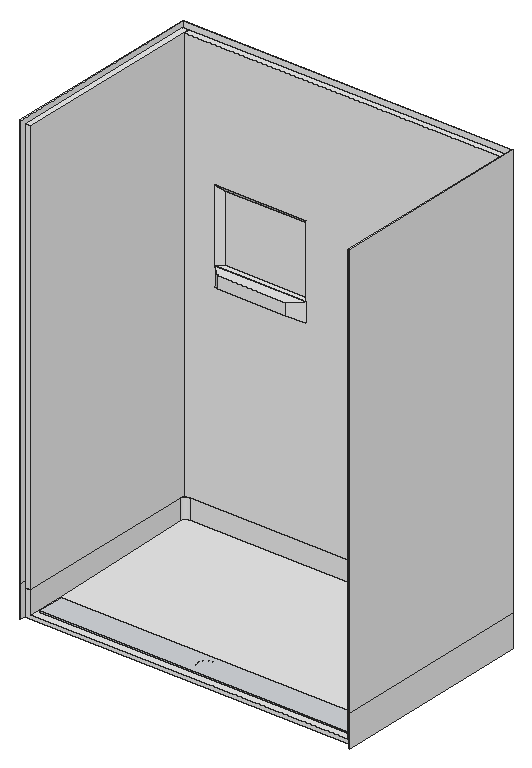
Revit family "5LBS26036B75FTB.V3,B2FTB.V3", category Plumbing Fixtures, Revit 2019
Family settings
  Round Connector Dimension = Use Diameter
  Part Type = Normal
  OmniClass Number = 23.45.05.14.17
  OmniClass Title = Showers
  Work Plane-Based = No
  Always vertical = Yes
  Cut with Voids When Loaded = No
  Shared = No
  Room Calculation Point = No
Parameters (values of type "5LBS26036B75FTB.V3")
  Unit Width = 60"
  Unit Height = 81 1/4"
  Pan Height = 5 3/4"
  Unit Depth = 37"
  URL = "http://www.bestbath.com"
  Type Comments = "Barrier Free"
  Threshold Height = 3/4"
  Model = "5LBS26036B75FTB.V3"
  Material [instance] = Best Bath Gelcoat Fiberglass - 4x8 Subway Tile
  Manufacturer = "Best Bath Systems, Inc."
  Keynote = "22 40 00.B3"
  Description = "Trench Drain Pan, 4\" x 8\" Subway Tile, Beveled Threshold"
  Assembly Code = "D2010710"
Types (3): name | Unit Height | Pan Height | Threshold Height | Model
  (no name) | 81 1/4" | 5 3/4" | 3/4" | "5LBS26036B75FTB.V3"
  5LBS26036B75FTB.V3 | 81 1/4" | 5 3/4" | 3/4" | "5LBS26036B75FTB.V3"
  5LBS26036B2FTB.V3 | 82 1/2" | 7" | 2" | "5LBS26036B2FTB.V3"
Reference planes (in)
  plane 1 "Back": y = 6.43613
  plane 2: z = 0
  plane 3 "Left": x = 0
  plane 4: x = 60
  plane 5: z = 4.75
  plane 6: z = 0.75
  plane 7: z = 5.75
  plane 8: x = 30
  plane 9: y = -30.56387
  plane 10: y = -23.31387
  plane 11: z = 1.5
  plane 12: y = -29.56387
  plane 13: y = -25.81387
  plane 14: z = 0.875
  plane 15: y = -25.81387
  plane 16: z = 81.25
  plane 17: z = 80.25
  plane 18: z = 44.25
  plane 19 "Center L/S": y = -25.81387
Forms (in)
  Extrusion 1, solid, material "Best Bath Gelcoat Fiberglass - Smooth"
    sketch origin (0, 0, 0) x (1, 0, 0) y (0, 1, 0)
      loop
        line (0, 6.43613) -> (0, -30.56387) -> (0.125, -30.56387) -> (0.125, 6.31113) -> (59.875, 6.31113) -> (59.875, -30.56387) -> (60, -30.56387) -> (60, 6.43613) -> (0, 6.43613)
    from 0 to 5.75
  Extrusion 2, solid, material "Best Bath Gelcoat Fiberglass - Smooth"
    sketch origin (0, 0, 0) x (0, 1, 0) y (0, 0, 1)
      loop
        line (-23.31387, 0.75) -> (5.18613, 0.75) -> (5.18613, 1.25) -> (-23.31387, 0.75)
    from 0 to 60
  Extrusion 3, solid, material "Best Bath Gelcoat Fiberglass - Smooth"
    sketch origin (0, 0, 0) x (1, 0, 0) y (0, 1, 0)
      loop
        line (0, 6.43613) -> (0, -29.56387) -> (59.875, -29.56387) -> (59.875, 6.43613) -> (0, 6.43613)
      loop
        circle (30, -25.81387) r 1.5
    from 0 to 0.75
  Extrusion 4, solid, material "Best Bath Gelcoat Fiberglass - Smooth"
    sketch origin (0, 0, 0) x (1, 0, 0) y (0, 1, 0)
      loop
        line (0, 6.43613) -> (0, -29.56387) -> (1.25, -29.56387) -> (1.25, 4.18613)
        arc (1.25, 4.18613) -> (1.54289, 4.89323) -> (2.25, 5.18613) r 1
        line (2.25, 5.18613) -> (57.75, 5.18613)
        arc (57.75, 5.18613) -> (58.45711, 4.89323) -> (58.75, 4.18613) r 1
        line (58.75, 4.18613) -> (58.75, -29.56387) -> (60, -29.56387) -> (60, 6.43613) -> (0, 6.43613)
    from 0 to 4.75
  Extrusion 5, solid
    sketch origin (0, 0, 0) x (1, 0, 0) y (0, 1, 0)
      loop
        line (1.75, -23.31387) -> (1.75, -28.31387) -> (58.25, -28.31387) -> (58.25, -23.31387) -> (1.75, -23.31387)
    from 0.40753 to 0.875
  Extrusion 6, solid, material "Best Bath Gelcoat Fiberglass - Smooth"
    sketch origin (0, 0, 0) x (1, 0, 0) y (0, 1, 0)
      loop
        line (1.25, -29.56387) -> (1.25, 6.31113) -> (0.125, 6.31113) -> (0.125, -29.56387) -> (1.25, -29.56387)
      loop
        line (58.75, -29.56387) -> (59.875, -29.56387) -> (59.875, 6.31113) -> (58.75, 6.31113) -> (58.75, -29.56387)
    from 4.75 to 80.25
  Extrusion 7, solid, material "Best Bath Smoothwall"
    sketch origin (-0.02168, 0, 0) x (1, 0, 0) y (0, 1, 0)
      loop
        line (1.27168, 5.18613) -> (58.77168, 5.18613) -> (58.77168, 6.31113) -> (1.27168, 6.31113) -> (1.27168, 5.18613)
    from 4.75 to 80.25
  Extrusion 8, solid, material "Best Bath Gelcoat Fiberglass - Smooth"
    sketch origin (0, 0, 0) x (1, 0, 0) y (0, 1, 0)
      loop
        line (0, -30.56387) -> (0.125, -30.56387) -> (0.125, 6.43613) -> (0, 6.43613) -> (0, -30.56387)
      loop
        line (60, -30.56387) -> (60, 6.43613) -> (59.875, 6.43613) -> (59.875, -30.56387) -> (60, -30.56387)
    from 5.75 to 81.25
  Extrusion 9, solid, material "Best Bath Smoothwall"
    sketch origin (-0.02168, 0, 0) x (1, 0, 0) y (0, 1, 0)
      loop
        line (0.14668, 6.43613) -> (0.14668, 6.31113) -> (59.89668, 6.31113) -> (59.89668, 6.43613) -> (0.14668, 6.43613)
    from 0 to 81.25
  Blend 10, solid, material "Best Bath Gelcoat Fiberglass - Smooth"
    base sketch origin (23.35671, -68.92552, -6.375) x (1, 0, 0) y (0, 0, 1)
      loop
        line (30.5625, 50.625) -> (14.0625, 50.625) -> (14.0625, 47.1875) -> (30.5625, 47.1875) -> (30.5625, 50.625)
    top sketch origin (23.35671, -68.92552, -6.375) x (1, 0, 0) y (0, 0, 1)
      loop
        line (16.0625, 50.625) -> (16.0625, 48.375) -> (28.5625, 48.375) -> (28.5625, 50.625) -> (16.0625, 50.625)
    from -74.11165 to -72.11165
  Blend 11, solid, material "Best Bath Gelcoat Fiberglass - Smooth"
    base sketch origin (-28.64329, -68.92552, -6.375) x (1, 0, 0) y (0, 0, 1)
      loop
        line (52.0625, 50.625) -> (35.5625, 50.625) -> (35.5625, 47.1875) -> (52.0625, 47.1875) -> (52.0625, 50.625)
    top sketch origin (-28.64329, -68.92552, -6.375) x (1, 0, 0) y (0, 0, 1)
      loop
        line (37.5625, 50.625) -> (37.5625, 48.375) -> (50.0625, 48.375) -> (50.0625, 50.625) -> (37.5625, 50.625)
    from -74.11165 to -72.11165
  Blend 12, void
    base sketch origin (23.35671, -68.42552, -6.375) x (1, 0, 0) y (0, 0, 1)
      loop
        line (14.0625, 50.625) -> (30.5625, 50.625) -> (30.5625, 63.75) -> (14.0625, 63.75) -> (14.0625, 50.625)
    top sketch origin (23.35671, -68.42552, -6.375) x (1, 0, 0) y (0, 0, 1)
      loop
        line (15.0625, 50.625) -> (29.5625, 50.625) -> (29.5625, 62.75) -> (15.0625, 62.75) -> (15.0625, 50.625)
    from -73.61165 to -74.61165
  Blend 13, void
    base sketch origin (-28.64329, -68.42552, -6.375) x (1, 0, 0) y (0, 0, 1)
      loop
        line (35.5625, 50.625) -> (52.0625, 50.625) -> (52.0625, 63.75) -> (35.5625, 63.75) -> (35.5625, 50.625)
    top sketch origin (-28.64329, -68.42552, -6.375) x (1, 0, 0) y (0, 0, 1)
      loop
        line (36.5625, 50.625) -> (51.0625, 50.625) -> (51.0625, 62.75) -> (36.5625, 62.75) -> (36.5625, 50.625)
    from -73.61165 to -74.61165
Cuts and joins
  joined: Extrusion 1, Extrusion 2, Extrusion 3, Extrusion 4
  joined: Extrusion 6, Extrusion 8
  Blend 12, Blend 13 cuts Extrusion 7
  joined: Extrusion 7, Extrusion 9
Dimensions and locks (in)
  "Unit Width": plane 3 "Left" to plane 4
  "Threshold Height": plane 6 to level
  locked: plane 7 to plane 5 at 1
  "Pan Height": plane 7 to level
  equal spacing: plane 3 "Left", plane 8, plane 4
  "Unit Depth": plane 9 to plane 1 "Back"
  locked: plane 11 to plane 6 at 0.75
  locked: plane 10 to plane 9 at 7.25
  locked: plane 12 to plane 9 at 1
  plane 13 to plane 9 = 4 3/4"
  locked: plane 14 to plane 6 at 0.125
  locked: plane 10 to plane 15 at 2.5
  "Unit Height": plane 16 to level
  locked: plane 16 to plane 17 at 1
  locked: plane 18 to plane 6 at 43.5
  plane 19 "Center L/S" to plane 1 "Back" = 32 1/4"
  aligned and locked: level to plane 2
  aligned and locked: Extrusion 2 sketch curve to plane 6
  aligned and locked: plane 6 to Extrusion 3
  aligned and locked: plane 5 to Extrusion 4
  aligned and locked: plane 12 to Extrusion 3 sketch curve
  aligned and locked: plane 12 to Extrusion 4 sketch curve  (x2)
  aligned and locked: plane 7 to Extrusion 1
  aligned and locked: Extrusion 5 sketch curve to plane 10
  aligned and locked: plane 14 to Extrusion 5
  aligned and locked: Extrusion 6 to cut or joined group of Extrusion 1, Extrusion 2, Extrusion 3, Extrusion 4
  aligned and locked: plane 17 to Extrusion 6
  aligned and locked: plane 17 to Extrusion 7
  aligned and locked: plane 16 to Extrusion 8
  aligned and locked: plane 16 to Extrusion 9
  aligned and locked: Extrusion 7 to plane 5
  aligned and locked: Extrusion 8 to plane 7
Automatic sketch dimensions
  plane 3 "Left" to Extrusion 5 sketch curve = 1 3/4"
  plane 4 to Extrusion 5 sketch curve = 1 3/4"
  plane 12 to Extrusion 5 sketch curve = 1 1/4"
  Extrusion 1 sketch curve to plane 3 "Left" = 0"
  Extrusion 1 sketch curve to plane 9 = 0"  (x2)
  Extrusion 1 sketch curve to plane 4 = 0"
  plane 1 "Back" to Extrusion 1 sketch curve = 0"
  plane 3 "Left" to Extrusion 1 sketch curve = 1/8"
  plane 4 to Extrusion 1 sketch curve = 1/8"
  plane 1 "Back" to Extrusion 1 sketch curve = 1/8"
  Extrusion 2 sketch curve to plane 10 = 0"
  Extrusion 2 sketch curve to plane 11 = 1/4"
  plane 1 "Back" to Extrusion 2 sketch curve = 1 1/4"
  Extrusion 3 sketch curve to plane 3 "Left" = 0"
  Extrusion 3 sketch curve to plane 8 = 0"
  plane 1 "Back" to Extrusion 3 sketch curve = 0"
  Extrusion 3 sketch curve to plane 13 = 0"
  plane 4 to Extrusion 3 sketch curve = 1/8"
  plane 1 "Back" to Extrusion 4 sketch curve = 0"
  Extrusion 4 sketch curve to plane 3 "Left" = 0"
  Extrusion 4 sketch curve to plane 4 = 0"
  plane 3 "Left" to Extrusion 4 sketch curve = 1 1/4"
  Extrusion 4 sketch curve to Extrusion 4 sketch curve = 1"
  plane 1 "Back" to Extrusion 4 sketch curve = 1 1/4"
  plane 4 to Extrusion 4 sketch curve = 2 1/4"
  Extrusion 4 sketch curve to Extrusion 4 sketch curve = 1 1/4"
  plane 1 "Back" to Extrusion 7 sketch curve = 1/8"
  plane 3 "Left" to Extrusion 7 sketch curve = 1 1/4"
  plane 4 to Extrusion 7 sketch curve = 1 1/4"
  Extrusion 7 sketch curve to Extrusion 7 sketch curve = 1 1/8"
  plane 1 "Back" to Extrusion 9 sketch curve = 0"
  plane 1 "Back" to Extrusion 9 sketch curve = 1/8"
  plane 3 "Left" to Extrusion 9 sketch curve = 1/8"
  plane 4 to Extrusion 9 sketch curve = 1/8"
  Extrusion 6 sketch curve to plane 12 = 0"  (x2)
  plane 3 "Left" to Extrusion 6 sketch curve = 1/8"
  plane 1 "Back" to Extrusion 6 sketch curve = 1/8"  (x2)
  Extrusion 6 sketch curve to Extrusion 6 sketch curve = 1 1/8"
  plane 4 to Extrusion 6 sketch curve = 1 1/4"
  plane 4 to Extrusion 6 sketch curve = 1/8"
  plane 1 "Back" to Extrusion 8 sketch curve = 0"  (x2)
  Extrusion 8 sketch curve to plane 3 "Left" = 0"
  Extrusion 8 sketch curve to plane 9 = 0"  (x2)
  Extrusion 8 sketch curve to plane 4 = 0"
  plane 3 "Left" to Extrusion 8 sketch curve = 1/8"
  plane 4 to Extrusion 8 sketch curve = 1/8"
  Blend 10 sketch curve to plane 8 = 7.41921"
  Blend 10 sketch curve to plane 18 = 3 7/16"
  plane 4 to Blend 10 sketch curve = 6.08079"
  Blend 10 sketch curve to Blend 10 sketch curve = 3 7/16"
  Blend 10 sketch curve to plane 18 = 2 1/4"
  Blend 10 sketch curve to plane 8 = 9.41921"
  plane 4 to Blend 10 sketch curve = 8.08079"
  Blend 10 sketch curve to Blend 10 sketch curve = 2 1/4"
  plane 3 "Left" to Blend 11 sketch curve = 6.91921"
  Blend 11 sketch curve to plane 18 = 3 7/16"
  plane 8 to Blend 11 sketch curve = 6.58079"
  Blend 11 sketch curve to Blend 11 sketch curve = 3 7/16"
  Blend 11 sketch curve to plane 18 = 2 1/4"
  plane 3 "Left" to Blend 11 sketch curve = 8.91921"
  plane 8 to Blend 11 sketch curve = 8.58079"
  Blend 11 sketch curve to Blend 11 sketch curve = 2 1/4"
  Blend 12 sketch curve to plane 8 = 7.41921"
  plane 4 to Blend 12 sketch curve = 6.08079"
  plane 18 to Blend 12 sketch curve = 0"  (x2)
  Blend 12 sketch curve to Blend 12 sketch curve = 13 1/8"
  Blend 12 sketch curve to plane 8 = 8.41921"
  plane 4 to Blend 12 sketch curve = 7.08079"
  Blend 12 sketch curve to Blend 12 sketch curve = 12 1/8"
  plane 3 "Left" to Blend 13 sketch curve = 6.91921"
  plane 8 to Blend 13 sketch curve = 6.58079"
  plane 18 to Blend 13 sketch curve = 0"  (x2)
  Blend 13 sketch curve to Blend 13 sketch curve = 13 1/8"
  plane 3 "Left" to Blend 13 sketch curve = 7.91921"
  plane 8 to Blend 13 sketch curve = 7.58079"
  Blend 13 sketch curve to Blend 13 sketch curve = 12 1/8"
  radius of Extrusion 3 sketch curve = 1 1/2"
